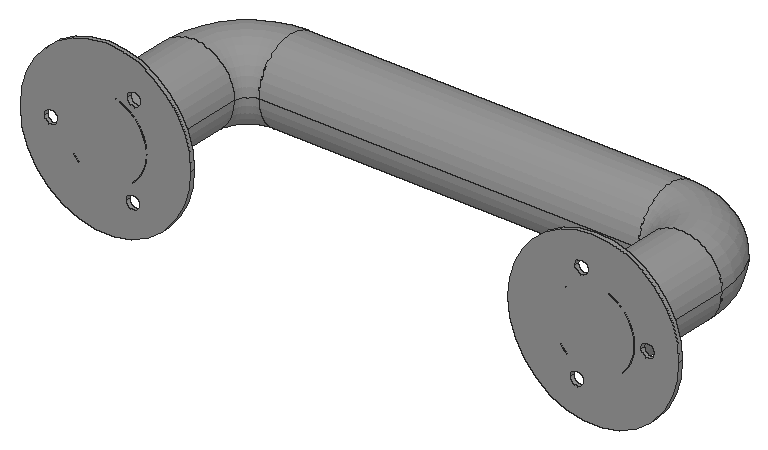
Revit family "Ecoline Wall Mount Grab Bar non perametrick ", category Furniture, Revit 2018
Family settings
  OmniClass Number = 23.40.20.00
  OmniClass Title = General Furniture and Specialties
  Work Plane-Based = No
  Always vertical = Yes
  Cut with Voids When Loaded = No
  Shared = No
  Room Calculation Point = No
Parameters
  mat [instance] = Steel, Mild
  Grab Bar lanth [instance] = 1' - 6"
Reference planes (in)
  plane 1 "Center Front/Back": y = 0
  plane 2: z = 0
  plane 3 "Center Left/Right": x = 0
  plane 4: x = -18
Forms (in)
  Sweep 1, solid, material "Stainless Steel, Polished"
    path origin (-9, 0, 0) x (1, 0, 0) y (0, 1, 0)
      loop
        line (-9, 0) -> (-9, 4.05)
        arc (-9, 4.05) -> (-8.41421, 5.46421) -> (-7, 6.05) r 2
        line (-7, 6.05) -> (7, 6.05)
        arc (7, 6.05) -> (8.41421, 5.46421) -> (9, 4.05) r 2
        line (9, 4.05) -> (9, 0)
    profile origin (-18, 2.025, 0) x (-1, 0, 0) y (0, 0, 1)
      loop
        circle (0, 0) r 1.5
  Extrusion 2, solid, material "Stainless Steel, Polished"
    sketch origin (-9, 0, 0) x (1, 0, 0) y (0, 0, 1)
      loop
        circle (-9, 0) r 3.15
    from 0 to -0.14377
  Extrusion 3, solid, material "Stainless Steel, Polished"
    sketch origin (9, 0, 0) x (1, 0, 0) y (0, 0, 1)
      loop
        circle (-9, 0) r 3.15
    from 0 to -0.14377
  Extrusion 4, void
    sketch origin (-9, 0, 0) x (1, 0, 0) y (0, 0, 1)
      loop
        circle (-11.01365, 0) r 0.25
      loop
        circle (-7.93769, 1.65594) r 0.25
      loop
        circle (-7.98762, -1.76292) r 0.25
    from 0 to -0.14377
  Extrusion 5, void
    sketch origin (-9, 0, 0) x (1, 0, 0) y (0, 0, 1)
      loop
        circle (11.00136, 0) r 0.25
      loop
        circle (8.56602, 1.90624) r 0.25
      loop
        circle (8.39285, -1.82949) r 0.25
    from 0 to -0.14377
Cuts and joins
  Extrusion 4 cuts Extrusion 2
  Extrusion 5 cuts Extrusion 3
Dimensions and locks (in)
  "Grab Bar lanth": plane 4 to plane 3 "Center Left/Right"
  aligned and locked: level to plane 2
Automatic sketch dimensions
  Sweep 1 sketch curve to plane 4 = 0' - 0"
  Sweep 1 sketch curve to plane 3 "Center Left/Right" = 0' - 0"
  plane 1 "Center Front/Back" to Sweep 1 sketch curve = 0' - 0"  (x2)
  plane 4 to Sweep 1 sketch curve = 0' - 2"
  Sweep 1 sketch curve to plane 3 "Center Left/Right" = 0' - 2"
  Sweep 1 sketch curve to Sweep 1 sketch curve = 0' - 4.05"
  Sweep 1 sketch curve to level = 0' - 0"
  Sweep 1 sketch curve to profile plane = 0' - 0"
  Extrusion 2 sketch curve to level = 0' - 0"
  Extrusion 2 sketch curve to plane 4 = 0' - 0"
  Extrusion 3 sketch curve to level = 0' - 0"
  Extrusion 3 sketch curve to plane 3 "Center Left/Right" = 0' - 0"
  Extrusion 4 sketch curve to level = 0' - 0"
  Extrusion 4 sketch curve to plane 4 = 0' - 2.01365"
  plane 4 to Extrusion 4 sketch curve = 0' - 1.01238"
  plane 4 to Extrusion 4 sketch curve = 0' - 1.06231"
  Extrusion 4 sketch curve to level = 0' - 1.76292"
  level to Extrusion 4 sketch curve = 0' - 1.65594"
  Extrusion 5 sketch curve to level = 0' - 0"
  Extrusion 5 sketch curve to plane 3 "Center Left/Right" = 0' - 0.60715"
  Extrusion 5 sketch curve to plane 3 "Center Left/Right" = 0' - 0.43398"
  plane 3 "Center Left/Right" to Extrusion 5 sketch curve = 0' - 2.00136"
  Extrusion 5 sketch curve to level = 0' - 1.82949"
  level to Extrusion 5 sketch curve = 0' - 1 29/32"
  radius of Sweep 1 sketch curve = 0' - 1 1/2"
  radius of Extrusion 2 sketch curve = 0' - 3.15"
  radius of Extrusion 3 sketch curve = 0' - 3.15"
  radius of Extrusion 4 sketch curve = 0' - 0 1/4"  (x3)
  radius of Extrusion 5 sketch curve = 0' - 0 1/4"  (x3)
